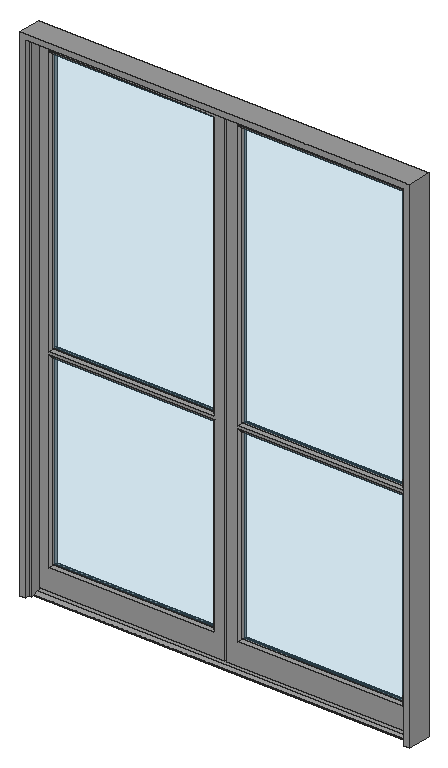
Revit family "NS-212 DOOR-Double-0.25-CW_v04", category Curtain Panels, Revit 2015
Parameters
  Width [instance] = 6' - 2"
  URL = "obe.com"
  Rough Width [instance] = 6' - 0"
  Panel Width [instance] = Min Panel Width  # 6' - 0"
  Panel Offset [instance] = 0' - 0"
  Offset [instance] = 0' - 0"
  Model = "NS-212 DOOR"
  Min Rough Width [instance] = if(Rough Width > 6' 1 255/256", Rough Width, 6' 2")  # 6' - 2"
  Min Panel Width [instance] = if(Rough Width > 6' 1 255/256", Rough Width - 0' 2", 6' 0")  # 6' - 0"
  Manufacturer = "Oldcastle BuildingEnvelope®"
  Keynote = "08 11 00"
  Hinge [instance] = yes
  Height [instance] = 8' - 0"
  Pushbar Height [instance] = 3' - 5 1/4"  # constant formula
  Glass Material = Glass
  Frame Material = Aluminum
  Door Panel Height [instance] = Height - 0' 0 1/2"  # 7' - 11 1/2"
  Description = "NS-212 - 1/4\" Door Infill"
  Assembly Code = "B2030"
  Analytic Construction = "<None>"
  8 Muntin [instance] = no
  6.5 Muntin [instance] = no
  6.5 Bottom Rail [instance] = not([4 Bottom Rail])  # no
  4 Muntin [instance] = no
  4 Bottom Rail [instance] = yes
  1.875 Muntin [instance] = no
  0.5 Muntin [instance] = if(or([1.875 Muntin], [4 Muntin], [6.5 Muntin], [8 Muntin]), 1 = 2, 1 = 1)  # yes
Reference planes (in)
  plane 1 "Front": y = 0
  plane 2: z = 0
  plane 3 "Center (Left/Right)": x = 0
  plane 4 "Left": x = -37
  plane 5 "Right": x = 37
  plane 6 "Top": z = 96
  plane 7 "Offset": y = 0
  plane 8: y = -1.28244
  plane 9: y = -1.28244
  plane 10: x = -37
  plane 11: x = 37
Forms (in)
  Sweep 1, solid, material "Aluminum" <- "Frame Material"
    path origin (0, 0, 0) x (-1, 0, 0) y (0, 0, 1)
      loop
        line (37, 0) -> (37, 96)
    profile origin (-37, 0, 48) x (1, 0, 0) y (0, 1, 0)
      loop
        line (1, -1.97) -> (1, 0) -> (0, 0) -> (0, -4.5) -> (1, -4.5) -> (1, -3.595) -> (1.5, -3.595) -> (1.5, -1.97) -> (1, -1.97)
  Sweep 2, solid, material "Aluminum" <- "Frame Material"
    path origin (0, 0, 0) x (-1, 0, 0) y (0, 0, 1)
      loop
        line (-37, 0) -> (-37, 96)
    profile origin (37, 0, 48) x (1, 0, 0) y (0, 1, 0)
      loop
        line (-1, -1.97) -> (-1.5, -1.97) -> (-1.5, -3.595) -> (-1, -3.595) -> (-1, -4.5) -> (0, -4.5) -> (0, 0) -> (-1, 0) -> (-1, -1.97)
  Extrusion 3, solid, material "Aluminum" <- "Frame Material"
    sketch origin (-37, 0, 0) x (0, -1, 0) y (0, 0, 1)
      loop
        line (1.97, 94.5) -> (3.595, 94.5) -> (3.595, 95) -> (4.5, 95) -> (4.5, 96) -> (0, 96) -> (0, 95) -> (1.97, 95) -> (1.97, 94.5)
    from -74 to 0
Cuts and joins
  joined: Sweep 1, Sweep 2, Extrusion 3
Text (in)
  text "Exterior" at (-54.29358, 31.38743, 0), in view "Ref. Level"
  text "Exterior" at (480, 41.53993, 89.60405), in view "Right"
  text "Exterior" at (-240, 57.82419, 105.78864), in view "Left"
Dimensions and locks (in)
  equal spacing: plane 4 "Left", plane 3 "Center (Left/Right)", plane 5 "Right"
  "Width": plane 4 "Left" to plane 5 "Right"
  "Height": plane 6 "Top" to plane 2
  "Offset": plane 1 "Front" to plane 7 "Offset"
  locked: plane 7 "Offset" to plane 8 at 1.28244
  locked: plane 7 "Offset" to plane 9 at 1.28244
  Extrusion 3 sketch curve to Extrusion 3 sketch curve to Extrusion 3 sketch curve = 0' - 0 1/2" locked, 0' - 0" locked
  Extrusion 3 sketch curve to Extrusion 3 sketch curve to Extrusion 3 sketch curve to Extrusion 3 sketch curve = 0' - 1.97" locked, 0' - 1 5/8" locked, 0' - 0.905" locked
  equal spacing: plane 10, plane 3 "Center (Left/Right)", plane 11
  "Min Rough Width": plane 10 to plane 11
  aligned and locked: level to plane 2
  aligned and locked: plane 6 "Top" to Sweep 1 sketch curve
  aligned and locked: level to Sweep 1 sketch curve
  aligned and locked: plane 6 "Top" to Sweep 2 sketch curve
  aligned and locked: level to Sweep 2 sketch curve
  aligned and locked: Extrusion 3 to plane 6 "Top"
  aligned and locked: Extrusion 3 sketch curve to plane 6 "Top"
  aligned and locked: plane 3 "Center (Left/Right)" to nested 1
  aligned and locked: nested 1 to plane 7 "Offset"
  aligned and locked: Sweep 1 sketch curve to plane 10
  aligned and locked: Sweep 2 sketch curve to plane 11
  aligned and locked: plane 11 to cut or joined group of Sweep 1, Sweep 2, Extrusion 3
  aligned and locked: cut or joined group of Sweep 1, Sweep 2, Extrusion 3 to plane 10
Automatic sketch dimensions
  Sweep 1 sketch curve to profile plane = 0' - 0"
  Sweep 1 sketch curve to plane 7 "Offset" = 0' - 0"
  Sweep 1 sketch curve to profile plane = 0' - 1"  (x2)
  Sweep 1 sketch curve to Sweep 1 sketch curve = 0' - 0 1/2"
  Sweep 1 sketch curve to plane 7 "Offset" = 0' - 1.97"
  Sweep 1 sketch curve to Sweep 1 sketch curve = 0' - 1 5/8"
  Sweep 1 sketch curve to Sweep 1 sketch curve = 0' - 0.905"
  Sweep 2 sketch curve to plane 7 "Offset" = 0' - 0"
  Sweep 2 sketch curve to profile plane = 0' - 0"
  profile plane to Sweep 2 sketch curve = 0' - 1"  (x2)
  Sweep 2 sketch curve to Sweep 2 sketch curve = 0' - 0 1/2"
  Sweep 2 sketch curve to plane 7 "Offset" = 0' - 1.97"
  Sweep 2 sketch curve to Sweep 2 sketch curve = 0' - 1 5/8"
  Sweep 2 sketch curve to Sweep 2 sketch curve = 0' - 0.905"
  Extrusion 3 sketch curve to plane 7 "Offset" = 0' - 0"
  plane 6 "Top" to Extrusion 3 sketch curve = 0' - 1"
Nested families (in)
  nested 1: "NS-212 DOOR-Double-0.25-Panel_v03" at (0, -13, 0), Height <- "Door Panel Height", 1.875 Muntin <- "1.875 Muntin", 4 Muntin <- "4 Muntin", 6.5 Muntin <- "6.5 Muntin", 8 Muntin <- "8 Muntin", 4 Bottom Rail <- "4 Bottom Rail", Hinge <- "Hinge", Frame Material <- "Frame Material", Glass Material <- "Glass Material", Width <- "Min Panel Width", Offset <- "Panel Offset", type "NS-212 DOOR-Double-0.25-Panel_v03"
    with Wing Width 3' - 0", built-in parameter 1001301 6' - 0", Pushbar Height 3' - 5 1/4", Offset 0' - 0", Hinge yes, built-in parameter 1001300 7' - 11 1/2", Glass at Muntin 0' - 1 1/16", Glass Material Glass, Frame Material Aluminum, Bottom Rail 0' - 4 31/32", 8 Muntin no, 6.5 Muntin no, 6.5 Bottom Rail no, 4 Muntin no, 4 Bottom Rail yes, 1.875 Muntin no, 0.5 Muntin yes
Definition of nested family "NS-212 DOOR-Double-0.25-Panel_v03"
  Parameters (values of type "NS-212 DOOR-Double-0.25-Panel_v03")
    Wing Width [instance] = Width / 2  # 2' - 6"
    Width [instance] = 5' - 0"
    Offset [instance] = 0' - 7.9713"
    Hinge [instance] = yes
    Height [instance] = 8' - 0"
    Glass at Muntin [instance] = if([8 Muntin], 0' 8 9/16", if([6.5 Muntin], 0' 7 1/16", if([4 Muntin], 0' 4 9/16", if([1.875 Muntin], 0' 2 109/256", 0' 1 1/16"))))  # 0' - 2 109/256"
    Pushbar Height [instance] = 3' - 5 1/4"  # constant formula
    Glass Material [instance] = none
    Frame Material [instance] = none
    Bottom Rail [instance] = if([4 Bottom Rail], 0' 4 31/32", 0' 7 15/32")  # 0' - 4 31/32"
    Analytic Construction = "<None>"
    8 Muntin [instance] = no
    6.5 Muntin [instance] = no
    6.5 Bottom Rail [instance] = not([4 Bottom Rail])  # no
    4 Muntin [instance] = no
    4 Bottom Rail [instance] = yes
    1.875 Muntin [instance] = yes
    0.5 Muntin [instance] = if(or([1.875 Muntin], [4 Muntin], [6.5 Muntin], [8 Muntin]), 1 = 2, 1 = 1)  # no
  Reference planes (in)
    plane 1 "00": y = 4.0912
    plane 2: z = 0
    plane 3 "Center (Left/Right)": x = 0
    plane 4: z = 96
    plane 5 "Center (Front/Back)": y = 13
    plane 6 "Exterior": y = 4.2162
    plane 7: z = 48
    plane 8: z = 92.96875
    plane 9: x = -30
    plane 10: x = 30
    plane 11: z = 42.46289
    plane 12: z = 40.03711
    plane 13: z = 92.875
    plane 14: z = 4.96875
    plane 15 "Offset": y = 5.0287
    plane 16: z = 41.25
  Forms (in)
    Sweep 1, solid, material <- "Frame Material"
      path origin (0, 4.0912, 0) x (1, 0, 0) y (0, 0, 1)
        loop
          line (-29.798, 96) -> (-0.22004, 96)
      profile origin (-15.00902, 4.0912, 96) x (0, 0, 1) y (0, -1, 0)
        loop
          line (-0.53138, -0.875) -> (-0.53138, 0.875) -> (-2.83968, 0.875) -> (-3.34375, 0.45204) -> (-3.34375, 0.125) -> (-3.125, 0.125) -> (-3.125, -0.125) -> (-3.34375, -0.125) -> (-3.34375, -0.45204) -> (-2.83968, -0.875) -> (-0.53138, -0.875)
    Sweep 2, solid, material <- "Frame Material"
      path origin (0, 4.0912, 0) x (1, 0, 0) y (0, 0, 1)
        loop
          line (-0.22004, 0) -> (-29.798, 0)
      profile origin (-15.00902, 4.0912, 0) x (0, 0, -1) y (0, -1, 0)
        loop
          line (-4.68343, -0.875) -> (-0.6875, -0.875) -> (-0.6875, 0.875) -> (-4.68343, 0.875) -> (-5.1875, 0.45204) -> (-5.1875, 0.125) -> (-4.96875, 0.125) -> (-4.96875, -0.125) -> (-5.1875, -0.125) -> (-5.1875, -0.45204) -> (-4.68343, -0.875)
    Sweep 3, solid, material <- "Frame Material"
      path origin (0, 4.0912, 0) x (1, 0, 0) y (0, 0, 1)
        loop
          line (30, 95.46863) -> (30, 0.6875)
      profile origin (30, 4.0912, 48.07806) x (0, -1, 0) y (1, 0, 0)
        loop
          line (-0.875, -0.093) -> (-0.875, -2.21393) -> (-0.45204, -2.718) -> (-0.125, -2.718) -> (-0.125, -2.49925) -> (0.125, -2.49925) -> (0.125, -2.718) -> (0.45204, -2.718) -> (0.875, -2.21393) -> (0.875, -0.202) -> (-0.875, -0.093)
    Sweep 4, solid, material <- "Frame Material"
      path origin (0, 5, 0) x (1, 0, 0) y (0, 0, 1)
        loop
          line (-30, 95.46863) -> (-30, 0.6875)
      profile origin (-30, 5, 48.07806) x (0, -1, 0) y (1, 0, 0)
        loop
          line (1.7838, 0.202) -> (1.7838, 2.21393) -> (1.36084, 2.718) -> (1.0338, 2.718) -> (1.0338, 2.49925) -> (0.7838, 2.49925) -> (0.7838, 2.718) -> (0.45677, 2.718) -> (0.0338, 2.21393) -> (0.0338, 0.093) -> (1.7838, 0.202)
    Sweep 5, solid, material <- "Frame Material"
      path origin (0, 4.0912, 0) x (1, 0, 0) y (0, 0, 1)
        loop
          line (-0.22004, 48) -> (-29.798, 48)
      profile origin (-15.00902, 4.0912, 48) x (0, 0, -1) y (0, -1, 0)
        loop
          line (5.31836, 0.45204) -> (5.31836, 0.125) -> (5.53711, 0.125) -> (5.53711, -0.125) -> (5.31836, -0.125) -> (5.31836, -0.45204) -> (5.82243, -0.875) -> (7.67757, -0.875) -> (8.18164, -0.45204) -> (8.18164, -0.125) -> (7.96289, -0.125) -> (7.96289, 0.125) -> (8.18164, 0.125) -> (8.18164, 0.45204) -> (7.67757, 0.875) -> (5.82243, 0.875) -> (5.31836, 0.45204)
    Sweep 6, solid, material <- "Frame Material"
      path origin (0, 4.0912, 0) x (1, 0, 0) y (0, 0, 1)
        loop
          line (0, 95.46862) -> (0, 0.6875)
      profile origin (0, 4.0912, 48.07806) x (0, -1, 0) y (1, 0, 0)
        loop
          line (-0.875, -0.22004) -> (-0.875, -2.18343) -> (-0.45204, -2.6875) -> (-0.125, -2.6875) -> (-0.125, -2.46875) -> (0.125, -2.46875) -> (0.125, -2.6875) -> (0.45204, -2.6875) -> (0.875, -2.18343) -> (0.875, -0.22004)
          arc (0.875, -0.22004) -> (0, -0.0625) -> (-0.875, -0.22004) r 2.50872
        loop
          arc (-0.875, 0.22004) -> (0, 0.0625) -> (0.875, 0.22004) r 2.50872
          line (0.875, 0.22004) -> (0.875, 2.18343) -> (0.45204, 2.6875) -> (0.125, 2.6875) -> (0.125, 2.46875) -> (-0.125, 2.46875) -> (-0.125, 2.6875) -> (-0.45204, 2.6875) -> (-0.875, 2.18343) -> (-0.875, 0.22004)
    Sweep 7, solid, material <- "Frame Material"
      path origin (0, 4.0912, 0) x (1, 0, 0) y (0, 0, 1)
        loop
          line (0.22004, 96) -> (29.798, 96)
      profile origin (15.00902, 4.0912, 96) x (0, 0, 1) y (0, -1, 0)
        loop
          line (-0.53138, -0.875) -> (-0.53138, 0.875) -> (-2.77731, 0.875) -> (-3.28138, 0.45204) -> (-3.28138, 0.125) -> (-3.03125, 0.125) -> (-3.03125, -0.125) -> (-3.28138, -0.125) -> (-3.28138, -0.45204) -> (-2.77731, -0.875) -> (-0.53138, -0.875)
    Sweep 8, solid, material <- "Frame Material"
      path origin (0, 4.0912, 0) x (1, 0, 0) y (0, 0, 1)
        loop
          line (29.798, 48) -> (0.22004, 48)
      profile origin (15.00902, 4.0912, 48) x (0, 0, -1) y (0, -1, 0)
        loop
          line (5.31836, 0.45204) -> (5.31836, 0.125) -> (5.53711, 0.125) -> (5.53711, -0.125) -> (5.31836, -0.125) -> (5.31836, -0.45204) -> (5.82243, -0.875) -> (7.67757, -0.875) -> (8.18164, -0.45204) -> (8.18164, -0.125) -> (7.96289, -0.125) -> (7.96289, 0.125) -> (8.18164, 0.125) -> (8.18164, 0.45204) -> (7.67757, 0.875) -> (5.82243, 0.875) -> (5.31836, 0.45204)
    Sweep 9, solid, material <- "Frame Material"
      path origin (0, 4.0912, 0) x (1, 0, 0) y (0, 0, 1)
        loop
          line (29.798, 0) -> (0.22004, 0)
      profile origin (15.00902, 4.0912, 0) x (0, 0, -1) y (0, -1, 0)
        loop
          line (-4.68343, -0.875) -> (-0.6875, -0.875) -> (-0.6875, 0.875) -> (-4.68343, 0.875) -> (-5.1875, 0.45204) -> (-5.1875, 0.125) -> (-4.96875, 0.125) -> (-4.96875, -0.125) -> (-5.1875, -0.125) -> (-5.1875, -0.45204) -> (-4.68343, -0.875)
    Extrusion 10, solid, material <- "Glass Material"
      sketch origin (0, 0, 0) x (1, 0, 0) y (0, 1, 0)
        loop
          line (-28.24596, 4.2162) -> (-28.24596, 3.9662) -> (-2.46875, 3.9662) -> (-2.46875, 4.2162) -> (-28.24596, 4.2162)
      from 4.96875 to 40.03711
    Extrusion 11, solid, material <- "Glass Material"
      sketch origin (0, 0, 0) x (1, 0, 0) y (0, 1, 0)
        loop
          line (2.46875, 4.2162) -> (2.46875, 3.9662) -> (28.24596, 3.9662) -> (28.24596, 4.2162) -> (2.46875, 4.2162)
      from 4.96875 to 40.03711
    Extrusion 12, solid, material <- "Glass Material"
      sketch origin (0, 0, 0) x (1, 0, 0) y (0, 1, 0)
        loop
          line (-2.46875, 4.2162) -> (-27.50075, 4.2162) -> (-27.50075, 3.9662) -> (-2.46875, 3.9662) -> (-2.46875, 4.2162)
      from 42.46289 to 92.875
    Extrusion 13, solid, material <- "Glass Material"
      sketch origin (0, 0, 0) x (1, 0, 0) y (0, 1, 0)
        loop
          line (27.50075, 4.2162) -> (2.46875, 4.2162) -> (2.46875, 3.9662) -> (27.50075, 3.9662) -> (27.50075, 4.2162)
      from 42.46289 to 92.96875
    Sweep 14, solid, material <- "Frame Material"
      path origin (0, 5.0287, 0) x (1, 0, 0) y (0, 0, 1)
        loop
          line (-29.798, 0) -> (29.798, 0)
      profile origin (0, 5.0287, 0) x (0, 0, 1) y (0, -1, 0)
        loop
          line (0.5, -0.218) -> (0.5, 2.468) -> (0.19364, 3.125) -> (0, 3.125) -> (0, -0.875) -> (0.19364, -0.875) -> (0.5, -0.218)
  Cuts and joins
    joined: Sweep 1, Sweep 2, Sweep 3, Sweep 4, Sweep 5, Sweep 6, Sweep 7, Sweep 8, Sweep 9
  Lines and regions (in)
    model lines
      curve 1: line (-28.02721, 4.0912, 48) -> (-2.6875, 4.0912, 92.71862)
      curve 2: line (-28.02721, 4.0912, 48) -> (-2.6875, 4.0912, 5.1875)
      curve 3: line (28.03679, 4.0912, 48) -> (2.6875, 4.0912, 92.71862)
      curve 4: line (28.03679, 4.0912, 48) -> (2.6875, 4.0912, 5.1875)
  Dimensions and locks (in)
    "Height": plane 4 to level
    "Offset": plane 15 "Offset" to plane 5 "Center (Front/Back)"
    equal spacing: level, plane 7, plane 4
    locked: plane 3 "Center (Left/Right)" to Sweep 2 sketch curve at 0.22004
    Sweep 8 sketch curve to Sweep 8 sketch curve to Sweep 8 sketch curve = 0' - 0.28532" locked, 0' - 0" locked
    Sweep 8 sketch curve to Sweep 8 sketch curve to Sweep 8 sketch curve to Sweep 8 sketch curve to Sweep 8 sketch curve = 0' - 0" locked, 0' - 0.28532" locked, 0' - 0 7/32" locked, 0' - 0" locked
    Sweep 9 sketch curve to Sweep 9 sketch curve to Sweep 9 sketch curve to Sweep 9 sketch curve to Sweep 9 sketch curve = 0' - 0" locked, 0' - 0 7/32" locked, 0' - 0.28532" locked, 0' - 0" locked
    locked: Sweep 9 sketch curve to plane 3 "Center (Left/Right)" at 0.22004
    locked: plane 8 to plane 4 at 3.03125
    "Bottom Rail": Sweep 9 sketch curve to level
    Extrusion 11 sketch curve to plane 1 "00" to Extrusion 11 sketch curve = 0' - 0 1/8" locked, 0' - 0 1/8" locked
    locked: plane 3 "Center (Left/Right)" to Extrusion 11 sketch curve at 2.46875
    Extrusion 10 sketch curve to plane 1 "00" to Extrusion 10 sketch curve = 0' - 0 1/8" locked, 0' - 0 1/8" locked
    locked: Extrusion 10 sketch curve to plane 3 "Center (Left/Right)" at 2.46875
    locked: Extrusion 12 sketch curve to plane 3 "Center (Left/Right)" at 2.46875
    Extrusion 12 sketch curve to plane 1 "00" to Extrusion 12 sketch curve = 0' - 0 1/8" locked, 0' - 0 1/8" locked
    Extrusion 13 sketch curve to plane 1 "00" to Extrusion 13 sketch curve = 0' - 0 1/8" locked, 0' - 0 1/8" locked
    locked: plane 3 "Center (Left/Right)" to Extrusion 13 sketch curve at 2.46875
    locked: plane 4 to Extrusion 13 at 3.03125
    locked: Sweep 6 sketch curve to plane 4 at 0.53138
    locked: plane 3 "Center (Left/Right)" to Sweep 1 sketch curve at 0.22004
    locked: Sweep 7 sketch curve to plane 3 "Center (Left/Right)" at 0.22004
    locked: plane 3 "Center (Left/Right)" to Sweep 5 sketch curve at 0.22004
    locked: Sweep 8 sketch curve to plane 3 "Center (Left/Right)" at 0.22004
    locked: plane 4 to Sweep 4 sketch curve at 0.53137
    locked: plane 4 to Sweep 3 sketch curve at 0.53137
    locked: Sweep 5 sketch curve to plane 11 at 0.21875
    locked: plane 11 to Sweep 5 sketch curve at 0.21875
    locked: plane 12 to Sweep 5 sketch curve at 0.21875  (x2)
    locked: Sweep 5 sketch curve to plane 12 at 0.28532  (x2)
    locked: Sweep 5 sketch curve to plane 11 at 0.28532  (x2)
    locked: plane 13 to Sweep 1 sketch curve at 0.21875  (x2)
    locked: Sweep 1 sketch curve to plane 13 at 0.28532  (x2)
    locked: Sweep 2 sketch curve to plane 14 at 0.21875  (x2)
    locked: plane 14 to Sweep 2 sketch curve at 0.28532  (x2)
    locked: plane 4 to plane 13 at 3.125
    "Width": plane 9 to plane 10
    locked: Sweep 1 sketch curve to plane 9 at 0.202
    locked: Sweep 5 sketch curve to plane 9 at 0.202
    locked: plane 10 to Sweep 8 sketch curve at 0.202
    locked: Sweep 2 sketch curve to plane 9 at 0.202
    locked: plane 10 to Sweep 9 sketch curve at 0.202
    locked: plane 10 to Sweep 7 sketch curve at 0.202
    equal spacing: plane 9, plane 3 "Center (Left/Right)", plane 10
    locked: plane 9 to Extrusion 12 sketch curve at 2.49925
    plane 1 "00" to plane 6 "Exterior" to plane 15 "Offset" = 0' - 0 1/8" locked, 0' - 0 13/16" locked
    "Glass at Muntin": plane 12 to plane 11
    "Bottom Rail": plane 14 to plane 2
    locked: Extrusion 13 sketch curve to plane 10 at 2.49925
    equal spacing: plane 11, plane 16, plane 12
    "Pushbar Height": plane 16 to plane 2
    locked: plane 10 to Sweep 14 sketch curve at 0.202
    locked: Sweep 14 sketch curve to plane 9 at 0.202
    locked: Sweep 4 sketch curve to plane 2 at 0.6875
    locked: Sweep 6 sketch curve to plane 2 at 0.6875
    locked: Sweep 3 sketch curve to plane 2 at 0.6875
    aligned and locked: plane 2 to level
    aligned and locked: Sweep 1 sketch curve to plane 4
    aligned and locked: Sweep 2 sketch curve to level
    aligned and locked: Sweep 5 sketch curve to plane 7
    aligned and locked: plane 3 "Center (Left/Right)" to Sweep 6 sketch curve
    aligned and locked: Sweep 9 sketch curve to level
    aligned and locked: Sweep 8 sketch curve to plane 7
    aligned and locked: plane 4 to Sweep 7 sketch curve
    aligned and locked: Extrusion 13 to cut or joined group of Sweep 1, Sweep 2, Sweep 3, Sweep 4, Sweep 5, Sweep 6, Sweep 7, Sweep 8, Sweep 9
    aligned and locked: Sweep 4 sketch curve to plane 9
    aligned and locked: Sweep 3 sketch curve to plane 10
    aligned and locked: plane 7 to curve 2
    aligned and locked: plane 7 to curve 4
    aligned and locked: plane 12 to Extrusion 10
    aligned and locked: plane 11 to Extrusion 12
    aligned and locked: plane 13 to Extrusion 12
    aligned and locked: plane 12 to Extrusion 11
    aligned and locked: Sweep 8 sketch curve to plane 11
    aligned and locked: plane 12 to Sweep 8 sketch curve
    aligned and locked: Extrusion 11 to plane 14
    aligned and locked: Extrusion 10 to plane 14
    aligned and locked: Sweep 14 sketch curve to plane 2
  Automatic sketch dimensions
    plane 1 "00" to Sweep 6 sketch curve = 0' - 0"  (x2)
    Sweep 6 sketch curve to plane 1 "00" = 0' - 0 1/8"  (x2)
    Sweep 6 sketch curve to Sweep 6 sketch curve = 0' - 0.32704"  (x4)
    Sweep 6 sketch curve to profile plane = 0' - 0.22004"
    Sweep 6 sketch curve to plane 1 "00" = 0' - 0 7/8"
    Sweep 6 sketch curve to Sweep 6 sketch curve = 0' - 0.42296"  (x3)
    plane 1 "00" to Sweep 6 sketch curve = 0' - 0 1/8"  (x2)
    profile plane to Sweep 6 sketch curve = 0' - 0.22004"
    Sweep 6 sketch curve to Sweep 6 sketch curve = 0' - 1.96339"  (x2)
    Sweep 6 sketch curve to Sweep 6 sketch curve = 0' - 0"  (x2)
    Sweep 6 sketch curve to Sweep 6 sketch curve = 0' - 0.28532"  (x2)
    Sweep 6 sketch curve to Sweep 6 sketch curve = 0' - 0.10247"  (x2)
    Sweep 6 sketch curve to Sweep 6 sketch curve = 0' - 0.11628"  (x4)
    plane 1 "00" to Sweep 7 sketch curve = 0' - 0 1/8"
    profile plane to Sweep 7 sketch curve = 0' - 3.28138"
    Sweep 7 sketch curve to plane 1 "00" = 0' - 0.45204"
    Sweep 7 sketch curve to Sweep 7 sketch curve = 0' - 0"
    Sweep 7 sketch curve to Sweep 7 sketch curve = 0' - 0.25012"
    plane 1 "00" to Sweep 7 sketch curve = 0' - 0 7/8"
    Sweep 7 sketch curve to Sweep 7 sketch curve = 0' - 0.50407"  (x2)
    profile plane to Sweep 7 sketch curve = 0' - 0.53138"
    Sweep 7 sketch curve to plane 1 "00" = 0' - 0 7/8"
    Sweep 7 sketch curve to plane 1 "00" = 0' - 0 1/8"
    Sweep 7 sketch curve to Sweep 7 sketch curve = 0' - 0.32704"
    Sweep 4 sketch curve to plane 1 "00" = 0' - 0 7/8"
    Sweep 4 sketch curve to plane 1 "00" = 0' - 0.45204"
    Sweep 4 sketch curve to plane 1 "00" = 0' - 0 1/8"
    plane 1 "00" to Sweep 4 sketch curve = 0' - 0 1/8"
    Sweep 4 sketch curve to Sweep 4 sketch curve = 0' - 0.32704"
    Sweep 4 sketch curve to Sweep 4 sketch curve = 0' - 0.42296"
    Sweep 4 sketch curve to profile plane = 0' - 0.093"
    Sweep 4 sketch curve to profile plane = 0' - 0.202"
    Sweep 4 sketch curve to profile plane = 0' - 2.21393"  (x2)
    Sweep 4 sketch curve to Sweep 4 sketch curve = 0' - 0.28532"
    Sweep 4 sketch curve to Sweep 4 sketch curve = 0' - 0 7/32"  (x2)
    Sweep 3 sketch curve to plane 1 "00" = 0' - 0 7/8"
    Sweep 3 sketch curve to plane 1 "00" = 0' - 0.45204"
    Sweep 3 sketch curve to plane 1 "00" = 0' - 0 1/8"
    plane 1 "00" to Sweep 3 sketch curve = 0' - 0 1/8"
    Sweep 3 sketch curve to Sweep 3 sketch curve = 0' - 0.32704"
    plane 1 "00" to Sweep 3 sketch curve = 0' - 0 7/8"
    profile plane to Sweep 3 sketch curve = 0' - 2.718"
    Sweep 3 sketch curve to Sweep 3 sketch curve = 0' - 0"
    Sweep 3 sketch curve to Sweep 3 sketch curve = 0' - 0 7/32"
    Sweep 3 sketch curve to Sweep 3 sketch curve = 0' - 0.50407"  (x2)
    profile plane to Sweep 3 sketch curve = 0' - 0.202"
    profile plane to Sweep 3 sketch curve = 0' - 0.093"
    plane 9 to curve 2 = 0' - 1.97279"
    curve 2 to plane 3 "Center (Left/Right)" = 0' - 2 11/16"
    curve 1 to plane 3 "Center (Left/Right)" = 0' - 2 11/16"
    plane 3 "Center (Left/Right)" to curve 3 = 0' - 2 11/16"
    plane 3 "Center (Left/Right)" to curve 4 = 0' - 2 11/16"
    curve 4 to plane 10 = 0' - 1.96321"
    level to curve 2 = 0' - 5 3/16"
    level to curve 4 = 0' - 5 3/16"
    curve 3 to plane 4 = 0' - 3.28138"
    curve 1 to plane 4 = 0' - 3.28138"
    Sweep 2 sketch curve to plane 1 "00" = 0' - 0.45204"
    Sweep 2 sketch curve to plane 1 "00" = 0' - 0 1/8"
    plane 1 "00" to Sweep 2 sketch curve = 0' - 0 1/8"
    Sweep 2 sketch curve to Sweep 2 sketch curve = 0' - 0.32704"
    Sweep 2 sketch curve to Sweep 2 sketch curve = 0' - 0.42296"
    Sweep 5 sketch curve to Sweep 5 sketch curve = 0' - 0 7/32"  (x2)
    Sweep 5 sketch curve to plane 1 "00" = 0' - 0 7/8"
    Sweep 5 sketch curve to plane 1 "00" = 0' - 0.45204"  (x2)
    Sweep 5 sketch curve to plane 1 "00" = 0' - 0 1/8"  (x2)
    plane 1 "00" to Sweep 5 sketch curve = 0' - 0 1/8"  (x2)
    Sweep 5 sketch curve to Sweep 5 sketch curve = 0' - 0.32704"  (x2)
    Sweep 5 sketch curve to Sweep 5 sketch curve = 0' - 0.42296"
    Sweep 2 sketch curve to Sweep 2 sketch curve = 0' - 0 7/32"
    plane 1 "00" to Sweep 1 sketch curve = 0' - 0 1/8"
    Sweep 1 sketch curve to plane 1 "00" = 0' - 0.45204"
    Sweep 1 sketch curve to Sweep 1 sketch curve = 0' - 0 7/32"
    plane 1 "00" to Sweep 1 sketch curve = 0' - 0 7/8"
    profile plane to Sweep 1 sketch curve = 0' - 0.53138"
    Sweep 1 sketch curve to plane 1 "00" = 0' - 0 7/8"
    Sweep 1 sketch curve to plane 1 "00" = 0' - 0 1/8"
    Sweep 1 sketch curve to Sweep 1 sketch curve = 0' - 0.32704"
    plane 9 to Extrusion 10 sketch curve = 0' - 1.75404"
    Extrusion 11 sketch curve to plane 10 = 0' - 1.75404"
    Sweep 8 sketch curve to Sweep 8 sketch curve = 0' - 0 7/32"  (x2)
    Sweep 8 sketch curve to plane 1 "00" = 0' - 0 7/8"
    Sweep 8 sketch curve to plane 1 "00" = 0' - 0.45204"  (x2)
    Sweep 8 sketch curve to plane 1 "00" = 0' - 0 1/8"  (x2)
    plane 1 "00" to Sweep 8 sketch curve = 0' - 0 1/8"  (x2)
    Sweep 8 sketch curve to Sweep 8 sketch curve = 0' - 0.32704"  (x2)
    Sweep 8 sketch curve to Sweep 8 sketch curve = 0' - 0.42296"
    Sweep 2 sketch curve to Sweep 2 sketch curve = 0' - 1 3/4"
    profile plane to Sweep 2 sketch curve = 0' - 0 11/16"
    Sweep 14 sketch curve to plane 15 "Offset" = 0' - 0.218"
    Sweep 14 sketch curve to profile plane = 0' - 0 1/2"
    Sweep 14 sketch curve to profile plane = 0' - 0.19364"  (x2)
    Sweep 14 sketch curve to Sweep 14 sketch curve = 0' - 0.657"  (x2)
    plane 15 "Offset" to Sweep 14 sketch curve = 0' - 2.468"
    Sweep 14 sketch curve to profile plane = 0' - 0"
    profile plane to Sweep 9 sketch curve = 0' - 0 11/16"
    Sweep 9 sketch curve to plane 1 "00" = 0' - 0 7/8"
    Sweep 9 sketch curve to plane 1 "00" = 0' - 0.45204"
    Sweep 9 sketch curve to plane 1 "00" = 0' - 0 1/8"
    plane 1 "00" to Sweep 9 sketch curve = 0' - 0 1/8"
    Sweep 9 sketch curve to Sweep 9 sketch curve = 0' - 0.32704"
    Sweep 9 sketch curve to Sweep 9 sketch curve = 0' - 0.42296"
